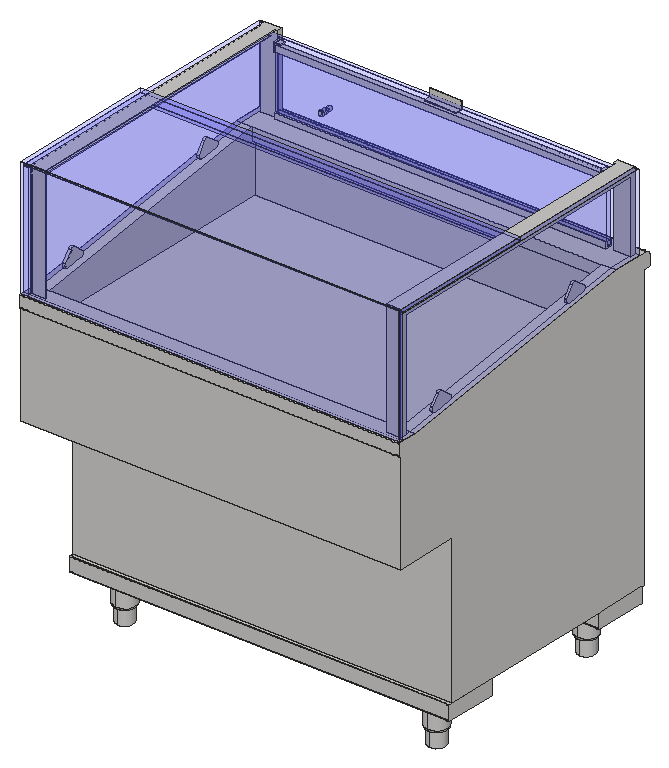
Revit family "Food-Service-Equipment_Oscartek_RHCS1000-Standard", category Specialty Equipment, Revit 2026
Family settings
  Round Connector Dimension = Use Diameter
  Part Type = Normal
  Classification Number = 23.40.40.11
  Work Plane-Based = No
  Enable Cutting in Views = No
  Always vertical = Yes
  Cut with Voids When Loaded = No
  Maintain Annotation Orientation = No
  Shared = No
  Room Calculation Point = No
Parameters
  Width = 39 1/4"  # constant formula
  Weight in Pounds = 239
  Watts = 500 W
  Volts = 220 V
  URL Cutsheet = "www.oscartek.com"
  URL = "www.oscartek.com"
  Type Mark [instance] = ""
  Type Comments = "As Specified"
  Test Data = "http://www.oscartek.com/company/clients.php"
  Status [instance] = ""
  Specification by User [instance] = ""
  Specification by Manufacturer = ""
  Specification = "https://www.arcat.com/arcatcos/cos48/arc48760.html"
  Show Clearance [instance] = yes
  Serial Number = ""
  Seismic Rating = ""
  Sales Information = "http://www.oscartek.com/company/contact.php"
  SMACNA No = ""
  Revision Code [instance] = ""
  Revision = "R1_2018-10"
  Product Data = "http://www.oscartek.com/support/manuals/"
  Phase = 1
  Omniclass Number and Title = ""
  Number of Poles [instance] = 1
  NAFEM Spec ID Number = ""
  Model = "RHCS1000 STANDARD"
  Min Ckt Ampacity = 0 A
  Max Overcurrent Protection = 0 A
  Masterspec = ""
  Manufacturer Website = "http://www.oscartek.com/index.php"
  Manufacturer Phone - Toll Free = "855-885-2400"
  Manufacturer Phone = "650-342-2400"
  Manufacturer Fax = "650-342-7400"
  Manufacturer Address = "361 Beach Rd., Burlingame, CA 94010"
  Manufacturer = "OSCARTEK"
  Item Number [instance] = ""
  Installed By [instance] = ""
  Installation-Fabrication = "http://www.oscartek.com/support/manuals/"
  Identify Quantity as Lot [instance] = yes
  HP = ""
  Green Building-LEED = "https://www.arcat.com/green/green_building.shtml"
  Furnished By [instance] = ""
  Foodservice Equipment Identifier [instance] = yes
  FL Amps = Watts / Volts  # 2.27273 A
  Electrical Remarks [instance] = ""
  Electric Connection Type [instance] = ""
  Elec Conn RI Height [instance] = 0"
  Elec Conn Connection Height [instance] = 0"
  Drawn By = "Sumex Design, Inc. / Robert S. Weygant, CSI, CDT, SCIP"
  Description = "ROSA HOT SHOWCASE"
  Depth [instance] = 32 1/4"  # constant formula
  Default Elevation = 0"
  Cycle = 60 Hz
  Copyright = "©Arcat Inc."
  Construction Details = "http://www.oscartek.com/support/manuals/"
  Conn Plug = ""
  Conn Conduit = yes
  Category = ""
  CSI MasterFormat = "11 41 33"
  CSI Master Format = "Foodservice Shelving"
  Building Codes = "https://www.arcat.com/arcatcos/cos48/arc48760.html"
  Body Finish [instance] = QF_Finishes_Stainless Steel
  Apparent Power = if(Phase = 3, Volts * FL Amps * 1.73, Volts * FL Amps)  # 500 VA
Reference planes (in)
  plane 1 "BACK": y = 7.29134
  plane 2: z = 0
  plane 3 "LEFT": x = 0
  plane 4 "RIGHT": x = 39.25
  plane 5 "FRONT": y = -24.95866
  plane 6 "TOP": z = 45.25
  plane 7 "Center Y": x = 19.625
  plane 8 "Center X": y = -8.83366
  plane 9 "Base Height": z = 6
  plane 10 "Right Off": x = 35.75
  plane 11: x = 0.5
  plane 12: x = 38.75
Forms (in)
  Revolve 1, solid, material "QF_Finishes_Stainless Steel"
    sketch origin (3.5, 0, 0) x (0, 1, 0) y (0, 0, 1)
      loop
        line (-15.81885, 0) -> (-14.95271, 0) -> (-14.95271, 1.57481) -> (-14.86603, 1.57481)
        arc (-14.86603, 1.57481) -> (-14.76029, 1.61861) -> (-14.71649, 1.72436) r 0.14954
        line (-14.71649, 1.72436) -> (-14.71649, 4.46851) -> (-15.81885, 4.46851) -> (-15.81885, 0)
      axis (-15.81885, 0) -> (-15.81885, 4.46851)
    angle from 0 to 360
  Revolve 2, solid, material "QF_Finishes_Stainless Steel"
    sketch origin (3.5, 19.37004, 0) x (0, 1, 0) y (0, 0, 1)
      loop
        line (-15.81885, 0) -> (-14.95271, 0) -> (-14.95271, 1.57481) -> (-14.86603, 1.57481)
        arc (-14.86603, 1.57481) -> (-14.76029, 1.61861) -> (-14.71649, 1.72436) r 0.14954
        line (-14.71649, 1.72436) -> (-14.71649, 4.46851) -> (-15.81885, 4.46851) -> (-15.81885, 0)
      axis (-15.81885, 0) -> (-15.81885, 4.46851)
    angle from 0 to 360
  Extrusion 3, solid, material "QF_Finishes_Stainless Steel" <- "Body Finish"
    sketch origin (0, 0, 0) x (0, 1, 0) y (0, 0, 1)
      loop
        line (-18.51225, 4.46851) -> (-13.12545, 4.46851)
        arc (-13.12545, 4.46851) -> (-13.08126, 4.48681) -> (-13.06295, 4.53101) r 0.0625
        line (-13.06295, 4.53101) -> (-13.06295, 5.9375)
        arc (-13.06295, 5.9375) -> (-13.08126, 5.98169) -> (-13.12545, 6) r 0.0625
        line (-13.12545, 6) -> (-18.51225, 6)
        arc (-18.51225, 6) -> (-18.55644, 5.98169) -> (-18.57475, 5.9375) r 0.0625
        line (-18.57475, 5.9375) -> (-18.57475, 4.53101)
        arc (-18.57475, 4.53101) -> (-18.55644, 4.48681) -> (-18.51225, 4.46851) r 0.0625
      loop
        line (0.85779, 4.46851) -> (6.24459, 4.46851)
        arc (6.24459, 4.46851) -> (6.28878, 4.48681) -> (6.30709, 4.53101) r 0.0625
        line (6.30709, 4.53101) -> (6.30709, 5.9375)
        arc (6.30709, 5.9375) -> (6.28878, 5.98169) -> (6.24459, 6) r 0.0625
        line (6.24459, 6) -> (0.85779, 6)
        arc (0.85779, 6) -> (0.8136, 5.98169) -> (0.79529, 5.9375) r 0.0625
        line (0.79529, 5.9375) -> (0.79529, 4.53101)
        arc (0.79529, 4.53101) -> (0.8136, 4.48681) -> (0.85779, 4.46851) r 0.0625
    from 0 to 39.25
  Revolve 4, solid, material "QF_Finishes_Stainless Steel"
    sketch origin (35.75, 0, 0) x (0, 0, -1) y (0, -1, 0)
      loop
        line (0, 15.81885) -> (-4.46851, 15.81885) -> (-4.46851, 14.71649) -> (-1.72436, 14.71649)
        arc (-1.72436, 14.71649) -> (-1.61861, 14.76029) -> (-1.57481, 14.86603) r 0.14954
        line (-1.57481, 14.86603) -> (-1.57481, 14.95271) -> (0, 14.95271) -> (0, 15.81885)
      axis (0, 15.81885) -> (-4.46851, 15.81885)
    angle from 0 to 360
  Revolve 5, solid, material "QF_Finishes_Stainless Steel"
    sketch origin (35.75, 0, 0) x (0, 0, -1) y (0, -1, 0)
      loop
        line (0, -3.55119) -> (-4.46851, -3.55119) -> (-4.46851, -4.65355) -> (-1.72436, -4.65355)
        arc (-1.72436, -4.65355) -> (-1.61861, -4.60975) -> (-1.57481, -4.50401) r 0.14954
        line (-1.57481, -4.50401) -> (-1.57481, -4.41733) -> (0, -4.41733) -> (0, -3.55119)
      axis (0, -3.55119) -> (-4.46851, -3.55119)
    angle from 0 to 360
  Extrusion 6, solid, material "QF_Finishes_Stainless Steel" <- "Body Finish"
    sketch origin (0, 0, 0) x (0, 1, 0) y (0, 0, 1)
      loop
        line (6.90709, 36.74797) -> (3.04134, 36.74797) -> (3.04134, 35.49797) -> (3.54134, 35.49797) -> (3.54134, 30.25) -> (-23.20866, 30.25) -> (-23.20866, 31.75) -> (-22.95866, 31.75) -> (-22.95866, 33) -> (-24.90866, 33)
        arc (-24.90866, 33) -> (-24.94401, 32.98536) -> (-24.95866, 32.95) r 0.05
        line (-24.95866, 32.95) -> (-24.95866, 31.80078)
        arc (-24.95866, 31.80078) -> (-24.94379, 31.76487) -> (-24.90788, 31.75) r 0.05078
        line (-24.90788, 31.75) -> (-24.84055, 31.75) -> (-24.84055, 21.25) -> (-18.18105, 21.25) -> (-18.18105, 6) -> (6.50394, 6) -> (6.50394, 21.25) -> (6.58268, 21.25) -> (6.58268, 35.24797) -> (7.24056, 35.24797)
        arc (7.24056, 35.24797) -> (7.27647, 35.26284) -> (7.29134, 35.29875) r 0.05078
        line (7.29134, 35.29875) -> (7.29134, 36.32422)
        arc (7.29134, 36.32422) -> (7.18097, 36.61023) -> (6.90709, 36.74797) r 0.42578
    from 0.5 to 38.75
  Extrusion 7, solid, material "Glass"
    sketch origin (0, 0, 0) x (0, 1, 0) y (0, 0, 1)
      loop
        line (5.84459, 44.8563) -> (-24.36893, 44.8563)
        arc (-24.36893, 44.8563) -> (-24.48028, 44.81018) -> (-24.52641, 44.69882) r 0.15748
        line (-24.52641, 44.69882) -> (-24.52641, 33) -> (-22.95866, 33) -> (3.04134, 36.74797) -> (6.00207, 36.74797) -> (6.00207, 44.69882)
        arc (6.00207, 44.69882) -> (5.95595, 44.81018) -> (5.84459, 44.8563) r 0.15748
    from 0 to 0.5
  Extrusion 8, solid, material "Glass"
    sketch origin (39.25, 0, 0) x (0, 1, 0) y (0, 0, 1)
      loop
        line (5.84459, 44.8563) -> (-24.36893, 44.8563)
        arc (-24.36893, 44.8563) -> (-24.48028, 44.81018) -> (-24.52641, 44.69882) r 0.15748
        line (-24.52641, 44.69882) -> (-24.52641, 33) -> (-22.95866, 33) -> (3.04134, 36.74797) -> (6.00207, 36.74797) -> (6.00207, 44.69882)
        arc (6.00207, 44.69882) -> (5.95595, 44.81018) -> (5.84459, 44.8563) r 0.15748
    from -0.5 to 0
  Extrusion 9, solid, material "Glass"
    sketch origin (0, 0, 0) x (0, 1, 0) y (0, 0, 1)
      loop
        line (-9.33366, 45.25) -> (-24.92011, 45.25) -> (-24.92011, 32.99797) -> (-24.52641, 32.99797) -> (-24.52641, 44.8563) -> (-9.33366, 44.8563) -> (-9.33366, 45.25)
    from 0 to 39.25
  Extrusion 10, solid, material "Glass"
    sketch origin (39.25, 0, 0.0625) x (0, 1, 0) y (0, 0, -1)
      loop
        line (5.50207, -44.53142) -> (5.50207, -44.19263) -> (-9.95866, -44.19263) -> (-9.95866, -44.53142) -> (5.50207, -44.53142)
    from 0.66527 to 38.58473
  Extrusion 11, solid, material "QF_Finishes_Stainless Steel" <- "Body Finish"
    sketch origin (39.25, 0, 0) x (0, 1, 0) y (0, 0, 1)
      loop
        line (6.90709, 36.74797) -> (3.04134, 36.74797) -> (-22.95866, 33) -> (-24.90866, 33)
        arc (-24.90866, 33) -> (-24.94401, 32.98536) -> (-24.95866, 32.95) r 0.05
        line (-24.95866, 32.95) -> (-24.95866, 31.80078)
        arc (-24.95866, 31.80078) -> (-24.94379, 31.76487) -> (-24.90788, 31.75) r 0.05078
        line (-24.90788, 31.75) -> (-24.84055, 31.75) -> (-24.84055, 21.25) -> (-18.18105, 21.25) -> (-18.18105, 6) -> (6.50394, 6) -> (6.50394, 21.25) -> (6.58268, 21.25) -> (6.58268, 35.24797) -> (7.24056, 35.24797)
        arc (7.24056, 35.24797) -> (7.27647, 35.26284) -> (7.29134, 35.29875) r 0.05078
        line (7.29134, 35.29875) -> (7.29134, 36.32422)
        arc (7.29134, 36.32422) -> (7.18097, 36.61023) -> (6.90709, 36.74797) r 0.42578
    from 0 to -1.5
  Extrusion 12, solid, material "QF_Finishes_Stainless Steel"
    sketch origin (0, 0, 0) x (1, 0, 0) y (0, 1, 0)
      loop
        line (0.5, 6.00207) -> (0.5, 5.50207) -> (2.25, 5.50207) -> (2.25, 6.00207) -> (0.5, 6.00207)
      loop
        line (38.75, 6.00207) -> (37, 6.00207) -> (37, 5.50207) -> (38.75, 5.50207) -> (38.75, 6.00207)
    from 36.74797 to 44.8563
  Extrusion 13, solid, material "Glass"
    sketch origin (0, -0.10938, 0) x (1, 0, 0) y (0, 1, 0)
      loop
        line (2.5, 5.50207) -> (2.5, 5.00207) -> (36.75, 5.00207) -> (36.75, 5.50207) -> (2.5, 5.50207)
    from 37.21272 to 43.81693
  Extrusion 14, solid, material "QF_Finishes_Stainless Steel"
    sketch origin (0, 0, 0) x (0, 1, 0) y (0, 0, 1)
      loop
        line (4.8927, 43.81693) -> (5.3927, 43.81693) -> (5.3927, 43.31693) -> (5.4552, 43.31693) -> (5.4552, 43.87943) -> (4.8302, 43.87943) -> (4.8302, 43.31693) -> (4.8927, 43.31693) -> (4.8927, 43.81693)
      loop
        line (4.8927, 37.16315) -> (4.8927, 37.66315) -> (4.8302, 37.66315) -> (4.8302, 37.10065) -> (5.4552, 37.10065) -> (5.4552, 37.66315) -> (5.3927, 37.66315) -> (5.3927, 37.16315) -> (4.8927, 37.16315)
    from 2.5 to 36.75
  Extrusion 15, solid, material "QF_Finishes_Stainless Steel"
    sketch origin (0, -24.95866, 0) x (1, 0, 0) y (0, 0, 1)
      loop
        line (37.6875, 44.1063) -> (38.75, 44.1063) -> (38.75, 44.8563) -> (37.25, 44.8563) -> (37.25, 44.7938) -> (38.6875, 44.7938) -> (38.6875, 44.1688) -> (37.6875, 44.1688) -> (37.6875, 44.1063)
      loop
        line (1.5625, 44.1063) -> (1.5625, 44.1688) -> (0.5625, 44.1688) -> (0.5625, 44.7938) -> (2, 44.7938) -> (2, 44.8563) -> (0.5, 44.8563) -> (0.5, 44.1063) -> (1.5625, 44.1063)
    from -30.46073 to -0.78937
  Extrusion 16, solid, material "QF_Finishes_Stainless Steel"
    sketch origin (0, -24.95866, 0) x (1, 0, 0) y (0, 0, 1)
      loop
        line (36.17786, 44.13772) -> (36.17786, 44.07522) -> (36.76042, 44.07522) -> (36.76042, 43.2537) -> (36.82292, 43.2537) -> (36.82292, 44.13772) -> (36.17786, 44.13772)
      loop
        line (3.07214, 44.13772) -> (2.42708, 44.13772) -> (2.42708, 43.2537) -> (2.48958, 43.2537) -> (2.48958, 44.07522) -> (3.07214, 44.07522) -> (3.07214, 44.13772)
    from -30.41386 to -29.78886
  Extrusion 17, solid, material "QF_Finishes_Door Clearance", visible <- "Show Clearance", detail levels coarse
    sketch origin (0, 0, 0) x (0, 1, 0) y (0, 0, 1)
      loop
        line (4.8927, 43.81693) -> (-1.82359, 43.81693)
        arc (-1.82359, 43.81693) -> (0.14357, 39.0678) -> (4.8927, 37.10065) r 6.71628
        line (4.8927, 37.10065) -> (4.8927, 43.81693)
    from 2.5 to 36.75
  Extrusion 18, solid, material "QF_Finishes_Stainless Steel"
    sketch origin (0, 0, 0) x (1, 0, 0) y (0, 1, 0)
      loop
        line (0.5, -24.20866) -> (2, -24.20866) -> (2, -24.16929) -> (0.5625, -24.16929) -> (0.5625, -23.62362) -> (0.5, -23.62362) -> (0.5, -24.20866)
      loop
        line (38.75, -24.20866) -> (38.75, -23.62362) -> (38.6875, -23.62362) -> (38.6875, -24.16929) -> (37.25, -24.16929) -> (37.25, -24.20866) -> (38.75, -24.20866)
    from 33 to 44.8563
  Extrusion 19, solid, material "QF_Finishes_Stainless Steel"
    sketch origin (19.625, 0, 0) x (0, 1, 0) y (0, 0, 1)
      loop
        line (4.83, 44.23056) -> (4.83, 44.19038) -> (5.55097, 44.19038) -> (5.55097, 45.05251) -> (5.48847, 45.05251) -> (5.48847, 44.23056) -> (4.83, 44.23056)
    from -1.625 to 1.625
  Revolve 20, solid, material "QF_Finishes_Stainless Steel"
    sketch origin (7.25, 0, 0.75) x (0, 1, 0) y (0, 0, 1)
      loop
        line (4.82255, 38.49797) -> (4.82255, 38.24797) -> (4.8927, 38.24797) -> (4.8927, 38.49797) -> (4.82255, 38.49797)
      loop
        line (5.3927, 38.49797) -> (5.3927, 38.24797) -> (5.46285, 38.24797) -> (5.46285, 38.34575) -> (5.74111, 38.44703)
        arc (5.74111, 38.44703) -> (5.95993, 38.29989) -> (6.13398, 38.49797) r 0.19974
        line (6.13398, 38.49797) -> (5.3927, 38.49797)
      axis (4.82255, 38.49797) -> (6.13398, 38.49797)
    angle from 0 to 360
  Revolve 21, solid, material "QF_Finishes_Stainless Steel"
    sketch origin (32, 0, 0.75) x (0, 1, 0) y (0, 0, -1)
      loop
        line (4.82255, -38.49797) -> (4.8927, -38.49797) -> (4.8927, -38.24797) -> (4.82255, -38.24797) -> (4.82255, -38.49797)
      loop
        line (5.3927, -38.49797) -> (6.13398, -38.49797)
        arc (6.13398, -38.49797) -> (5.95993, -38.29989) -> (5.74111, -38.44703) r 0.19974
        line (5.74111, -38.44703) -> (5.46285, -38.34575) -> (5.46285, -38.24797) -> (5.3927, -38.24797) -> (5.3927, -38.49797)
      axis (4.82255, -38.49797) -> (6.13398, -38.49797)
    angle from 0 to 360
  Extrusion 22, solid, material "QF_Finishes_Stainless Steel"
    sketch origin (0, 0, 0) x (0, 1, 0) y (0, 0, 1)
      loop
        line (-19.73734, 33.46436) -> (-18.02583, 33.71108)
        arc (-18.02583, 33.71108) -> (-17.79557, 33.87166) -> (-17.7871, 34.15225) r 0.3125
        line (-17.7871, 34.15225) -> (-18.75756, 34.98985)
        arc (-18.75756, 34.98985) -> (-19.04365, 35.07894) -> (-19.30393, 34.93046) r 0.37574
        line (-19.30393, 34.93046) -> (-20.05317, 33.92884)
        arc (-20.05317, 33.92884) -> (-20.04034, 33.59795) -> (-19.73734, 33.46436) r 0.31249
      loop
        arc (-0.67039, 36.21291) -> (-0.41746, 36.42664) -> (-0.49861, 36.74768) r 0.31249
        line (-0.49861, 36.74768) -> (-1.50023, 37.49691)
        arc (-1.50023, 37.49691) -> (-1.79185, 37.56583) -> (-2.04114, 37.39956) r 0.37574
        line (-2.04114, 37.39956) -> (-2.73552, 36.32198)
        arc (-2.73552, 36.32198) -> (-2.64814, 36.0552) -> (-2.38191, 35.96619) r 0.3125
        line (-2.38191, 35.96619) -> (-0.67039, 36.21291)
    from 0.5 to 0.76122
  Extrusion 23, solid, material "QF_Finishes_Stainless Steel"
    sketch origin (39.25, 0, 0) x (0, 1, 0) y (0, 0, 1)
      loop
        line (-19.73734, 33.46436) -> (-18.02583, 33.71108)
        arc (-18.02583, 33.71108) -> (-17.79557, 33.87166) -> (-17.7871, 34.15225) r 0.3125
        line (-17.7871, 34.15225) -> (-18.75756, 34.98985)
        arc (-18.75756, 34.98985) -> (-19.04365, 35.07894) -> (-19.30393, 34.93046) r 0.37574
        line (-19.30393, 34.93046) -> (-20.05317, 33.92884)
        arc (-20.05317, 33.92884) -> (-20.04034, 33.59795) -> (-19.73734, 33.46436) r 0.31249
      loop
        arc (-0.67039, 36.21291) -> (-0.41746, 36.42664) -> (-0.49861, 36.74768) r 0.31249
        line (-0.49861, 36.74768) -> (-1.50023, 37.49691)
        arc (-1.50023, 37.49691) -> (-1.79185, 37.56583) -> (-2.04114, 37.39956) r 0.37574
        line (-2.04114, 37.39956) -> (-2.73552, 36.32198)
        arc (-2.73552, 36.32198) -> (-2.64814, 36.0552) -> (-2.38191, 35.96619) r 0.3125
        line (-2.38191, 35.96619) -> (-0.67039, 36.21291)
    from -0.5 to -0.75
  Extrusion 24, solid, material "QF_Finishes_Stainless Steel" <- "Body Finish"
    sketch origin (0, 0, 0) x (0, 1, 0) y (0, 0, -1)
      loop
        arc (6.90709, -36.74797) -> (7.18097, -36.61023) -> (7.29134, -36.32422) r 0.42578
        line (7.29134, -36.32422) -> (7.29134, -35.29875)
        arc (7.29134, -35.29875) -> (7.27647, -35.26284) -> (7.24056, -35.24797) r 0.05078
        line (7.24056, -35.24797) -> (6.58268, -35.24797) -> (6.58268, -21.25) -> (6.50394, -21.25) -> (6.50394, -6) -> (-18.18105, -6) -> (-18.18105, -21.25) -> (-24.84055, -21.25) -> (-24.84055, -31.75) -> (-24.90788, -31.75)
        arc (-24.90788, -31.75) -> (-24.94379, -31.76487) -> (-24.95866, -31.80078) r 0.05078
        line (-24.95866, -31.80078) -> (-24.95866, -32.95)
        arc (-24.95866, -32.95) -> (-24.94401, -32.98536) -> (-24.90866, -33) r 0.05
        line (-24.90866, -33) -> (-22.95866, -33) -> (3.04134, -36.74797) -> (6.90709, -36.74797)
    from 0 to -1.5
  Extrusion 25, solid, material "QF_Finishes_Stainless Steel"
    sketch origin (16.25, 0, 0) x (1, 0, 0) y (0, 1, 0)
      loop
        circle (13.71277, -8.83366) r 0.25
    from 5.6002 to 6
  Extrusion 26, solid, material "QF_Finishes_Stainless Steel"
    sketch origin (1.18012, 6.22884, 1.7805) x (0, 0, 1) y (1, 0, 0)
      loop
        line (18.79407, 32.10524) -> (17.29407, 32.10524) -> (17.29407, 25.60524) -> (18.79407, 25.60524) -> (18.79407, 32.10524)
    from 0.2751 to 1
  Extrusion 27, solid, material "QF_Finishes_Black"
    sketch origin (1.18012, 6.50394, 6.1555) x (0, 0, 1) y (1, 0, 0)
      loop
        line (11.19901, 34.56988) -> (0.44901, 34.56988) -> (0.44901, 32.56988) -> (11.19901, 32.56988) -> (11.19901, 34.56988)
      loop
        line (11.19901, 32.06988) -> (0.44901, 32.06988) -> (0.44901, 30.06988) -> (11.19901, 30.06988) -> (11.19901, 32.06988)
      loop
        line (11.19901, 29.56988) -> (0.44901, 29.56988) -> (0.44901, 27.56988) -> (11.19901, 27.56988) -> (11.19901, 29.56988)
      loop
        line (0.44901, 27.06988) -> (0.44901, 25.06988) -> (9.19901, 25.06988) -> (11.19901, 27.06988) -> (0.44901, 27.06988)
      loop
        line (0.44901, 24.56988) -> (0.44901, 22.56988) -> (6.69901, 22.56988) -> (8.69901, 24.56988) -> (0.44901, 24.56988)
    from 0 to 0.0625
  Extrusion 28, void
    sketch origin (1.5, 0, 0) x (0, -1, 0) y (0, 0, -1)
      loop
        line (-6.54134, -34.74797) -> (-6.54134, -21.25) -> (-15.58268, -21.25) -> (-15.58268, -34.74797) -> (-6.54134, -34.74797)
    from 0 to 36.25
  Extrusion 29, solid, material "QF_Finishes_Stainless Steel", not visible
    sketch origin (1.5, 0, 0) x (0, -1, 0) y (0, 0, -1)
      loop
        line (2.45866, -35.24797) -> (2.45866, -21.25) -> (-6.58268, -21.25) -> (-6.58268, -22) -> (1.70866, -22) -> (1.70866, -27.5) -> (-6.58268, -28.5) -> (-6.58268, -29.25544) -> (1.70866, -28.25544) -> (1.70866, -34.74797) -> (-6.58268, -34.74797) -> (-6.58268, -35.24797) -> (2.45866, -35.24797)
    from 0 to 36.25
  Extrusion 30, solid, material "QF_Finishes_Door Clearance", visible <- "Show Clearance", detail levels coarse
    sketch origin (0, 0, 0) x (0, 1, 0) y (0, 0, 1)
      loop
        line (-24.92011, 45.25) -> (-9.33366, 45.25) -> (-9.33366, 60.83645)
        arc (-9.33366, 60.83645) -> (-20.35494, 56.27128) -> (-24.92011, 45.25) r 15.58645
    from 0 to 39.25
Cuts and joins
  joined: Extrusion 12, Extrusion 15, Extrusion 18
  Extrusion 28 cuts Extrusion 6
  joined: Extrusion 6, Extrusion 11, Extrusion 24
Lines and regions (in)
  Split face 1
    outline origin (1.18012, 7.22884, 1.7805) x (0, 0, 1) y (1, 0, 0)
      loop
        line (18.5658, 31.80584) -> (17.5658, 31.80584) -> (17.5658, 26.05584) -> (18.5658, 26.05584) -> (18.5658, 31.80584)
  symbolic lines
    curve 1: line (0, -24.95866, 0) -> (0, 7.29134, 0)
    curve 2: line (39.25, -24.95866, 0) -> (0, -24.95866, 0)
    curve 3: line (0.5, -24.52641, 0) -> (0.5, 6.55709, 0)
    curve 4: line (38.75, 6.00207, 0) -> (37, 6.00207, 0)
    curve 5: line (39.25, 5.50207, 0) -> (0, 5.50207, 0)
    curve 6: line (1.64264, -22.95866, 0) -> (1.64264, 5.50207, 0)
    curve 7: line (2.25, 5.50207, 0) -> (2.25, 6.00207, 0)
    curve 8: line (0.66527, 5.50207, 0) -> (0.66527, -9.95866, 0)
    curve 9: line (39.25, -9.20866, 0) -> (0, -9.20866, 0)
    curve 10: line (0.5, -24.20866, 0) -> (1.5625, -24.20866, 0)
    curve 11: line (1.5625, -24.20866, 0) -> (1.5625, 6.00207, 0)
    curve 12: line (39.25, 6.55709, 0) -> (38.75, 6.55709, 0)
    curve 13: line (0, -24.92011, 0) -> (39.25, -24.90788, 0)
    curve 14: line (39.25, -24.52641, 0) -> (0, -24.52641, 0)
    curve 15: line (39.25, -24.95866, 0) -> (39.25, 7.29134, 0)
    curve 16: line (38.75, -24.52641, 0) -> (38.75, 6.55709, 0)
    curve 17: line (37.60736, -22.95866, 0) -> (37.60736, 5.50207, 0)
    curve 18: line (37, 5.50207, 0) -> (37, 6.00207, 0)
    curve 19: line (38.58473, 5.50207, 0) -> (38.58473, -9.95866, 0)
    curve 20: line (38.75, -24.20866, 0) -> (37.6875, -24.20866, 0)
    curve 21: line (37.6875, -24.20866, 0) -> (37.6875, 6.00207, 0)
    curve 22: line (2.25, 6.00207, 0) -> (0.5, 6.00207, 0)
    curve 23: line (0.5, 6.55709, 0) -> (0, 6.55709, 0)
    curve 24: line (39.25, 7.29134, 0) -> (0, 7.29134, 0)
    curve 25: line (38.58473, -9.95866, 0) -> (0.66527, -9.95866, 0)
    curve 26: line (0, -22.95866, 0) -> (39.25, -22.95866, 0)
    curve 27: line (18, 5.55097, 0) -> (21.25, 5.55097, 0)
    curve 28: line (21.25, 5.55097, 0) -> (21.25, 4.89472, 0)
    curve 29: line (21, 4.64472, 0) -> (18.25, 4.64472, 0)
    curve 30: line (18, 4.89472, 0) -> (18, 5.55097, 0)
    curve 31: arc (18.25, 4.64472, 0) -> (18.07322, 4.71795, 0) -> (18, 4.89472, 0) r 0.25
    curve 32: arc (21.25, 4.89472, 0) -> (21.17678, 4.71795, 0) -> (21, 4.64472, 0) r 0.25
  symbolic lines, style "QF-Surface Details"
    curve 33: line (7.92189, -17.61771, 0) -> (11.10387, -14.43573, 0)
    curve 34: line (7.59142, -19.05839, 0) -> (12.54117, -14.10865, 0)
    curve 35: line (9.1841, -18.87993, 0) -> (12.54286, -15.52117, 0)
    curve 36: line (27.10725, -17.61771, 0) -> (30.28923, -14.43573, 0)
    curve 37: line (26.77678, -19.05839, 0) -> (31.72653, -14.10865, 0)
    curve 38: line (28.36946, -18.87993, 0) -> (31.72822, -15.52117, 0)
    curve 39: line (7.92189, -2.99271, 0) -> (11.10387, 0.18927, 0)
    curve 40: line (7.59142, -4.43339, 0) -> (12.54117, 0.51635, 0)
    curve 41: line (9.1841, -4.25493, 0) -> (12.54286, -0.89617, 0)
    curve 42: line (27.10725, -2.99271, 0) -> (30.28923, 0.18927, 0)
    curve 43: line (26.77678, -4.43339, 0) -> (31.72653, 0.51635, 0)
    curve 44: line (28.36946, -4.25493, 0) -> (31.72822, -0.89617, 0)
Dimensions and locks (in)
  equal spacing: plane 3 "LEFT", plane 7 "Center Y", plane 4 "RIGHT"
  "Width": plane 3 "LEFT" to plane 4 "RIGHT"
  equal spacing: plane 5 "FRONT", plane 8 "Center X", plane 1 "BACK"
  "Depth": plane 5 "FRONT" to plane 1 "BACK"
  plane 6 "TOP" to level = 45 1/4"
  plane 9 "Base Height" to level = 6"
  locked: plane 10 "Right Off" to plane 4 "RIGHT" at 3.5
  locked: plane 12 to plane 4 "RIGHT" at 0.5
  locked: plane 3 "LEFT" to plane 11 at 0.5
  locked: plane 3 "LEFT" to Extrusion 13 sketch curve at 2.5
  locked: Extrusion 13 sketch curve to plane 4 "RIGHT" at 2.5
  locked: plane 4 "RIGHT" to Extrusion 10 at 0.66527
  locked: plane 7 "Center Y" to Revolve 20 at 12.375
  locked: Revolve 21 to plane 7 "Center Y" at 12.375
  Extrusion 27 sketch curve to Extrusion 27 sketch curve to Extrusion 27 sketch curve to Extrusion 27 sketch curve to Extrusion 27 sketch curve to Extrusion 27 sketch curve to Extrusion 27 sketch curve to Extrusion 27 sketch curve to Extrusion 27 sketch curve to Extrusion 27 sketch curve = 2" locked, 1/2" locked, 2" locked, 1/2" locked, 2" locked, 1/2" locked, 2" locked, 1/2" locked, 2" locked
  locked: Extrusion 26 sketch curve to Extrusion 26 sketch curve at 6.5
  plane 5 "FRONT" to Extrusion 10 sketch curve to Extrusion 10 sketch curve = 15" locked, 15.46073" locked
  plane 5 "FRONT" to Extrusion 17 sketch curve to Extrusion 17 sketch curve = 23.13507" locked, 6.71628" locked
  plane 5 "FRONT" to Extrusion 13 sketch curve to Extrusion 13 sketch curve = 29.85136" locked, 1/2" locked
  plane 5 "FRONT" to Extrusion 14 sketch curve to Extrusion 14 sketch curve to Extrusion 14 sketch curve to Extrusion 14 sketch curve = 29.78886" locked, 1/16" locked, 1/2" locked, 1/16" locked
  plane 5 "FRONT" to Extrusion 23 sketch curve to Extrusion 23 sketch curve to Extrusion 23 sketch curve to Extrusion 23 sketch curve to Extrusion 23 sketch curve to Extrusion 23 sketch curve = 5.17674" locked, 0.77887" locked, 0.93264" locked, 15.64392" locked, 0.7012" locked, 1.01031" locked
  plane 5 "FRONT" to Extrusion 11 sketch curve to Extrusion 11 sketch curve = 2" locked, 26" locked
  plane 5 "FRONT" to Extrusion 24 sketch curve to Extrusion 24 sketch curve = 2" locked, 26" locked
  plane 5 "FRONT" to Extrusion 22 sketch curve to Extrusion 22 sketch curve to Extrusion 22 sketch curve to Extrusion 22 sketch curve to Extrusion 22 sketch curve to Extrusion 22 sketch curve = 5.17674" locked, 0.77887" locked, 0.93264" locked, 15.64392" locked, 0.7012" locked, 1.01031" locked
  plane 5 "FRONT" to Extrusion 8 sketch curve to Extrusion 8 sketch curve to Extrusion 8 sketch curve to Extrusion 8 sketch curve = 0.43225" locked, 1.56775" locked, 26" locked, 2.96073" locked
  plane 5 "FRONT" to Extrusion 7 sketch curve to Extrusion 7 sketch curve to Extrusion 7 sketch curve to Extrusion 7 sketch curve = 0.43225" locked, 1.56775" locked, 26" locked, 2.96073" locked
  plane 5 "FRONT" to Extrusion 6 sketch curve to Extrusion 6 sketch curve = 28" locked, 1/2" locked
  plane 5 "FRONT" to Extrusion 19 sketch curve to Extrusion 19 sketch curve to Extrusion 19 sketch curve = 29.78866" locked, 0.65847" locked, 1/16" locked
  plane 5 "FRONT" to Revolve 21 sketch curve to Revolve 21 sketch curve to Revolve 21 sketch curve to Revolve 21 sketch curve to Revolve 21 sketch curve to Revolve 21 sketch curve = 29.78121" locked, 0.07015" locked, 1/2" locked, 0.07015" locked, 0.27826" locked, 0.19313" locked
  plane 5 "FRONT" to Extrusion 12 sketch curve to Extrusion 12 sketch curve = 30.46073" locked, 1/2" locked
  plane 5 "FRONT" to Revolve 20 sketch curve to Revolve 20 sketch curve to Revolve 20 sketch curve to Revolve 20 sketch curve to Revolve 20 sketch curve to Revolve 20 sketch curve = 29.78121" locked, 0.07015" locked, 1/2" locked, 0.07015" locked, 0.27826" locked, 0.19313" locked
  locked: Extrusion 11 sketch curve to plane 1 "BACK" at 25.47239
  locked: Extrusion 6 sketch curve to plane 1 "BACK" at 25.47239
  locked: Extrusion 24 sketch curve to plane 1 "BACK" at 25.47239
  Extrusion 3 sketch curve to Extrusion 3 sketch curve to Extrusion 3 sketch curve to Extrusion 3 sketch curve to plane 1 "BACK" = 5.5118" locked, 13.85824" locked, 5.5118" locked, 0.98425" locked
  Revolve 5 sketch curve to Revolve 5 sketch curve to plane 1 "BACK" = 1.10236" locked, 2.63779" locked
  Revolve 2 sketch curve to Revolve 2 sketch curve to plane 1 "BACK" = 1.10236" locked, 2.63779" locked
  Revolve 4 sketch curve to Revolve 4 sketch curve to plane 1 "BACK" = 1.10236" locked, 22 1/128" locked
  Revolve 1 sketch curve to Revolve 1 sketch curve to plane 1 "BACK" = 1.10236" locked, 22 1/128" locked
  plane 5 "FRONT" to Extrusion 28 sketch curve to Extrusion 28 sketch curve = 31 1/2" locked, 9.04134" locked
  Extrusion 29 sketch curve to Extrusion 29 sketch curve to Extrusion 29 sketch curve to plane 1 "BACK" = 3/4" locked, 8.29134" locked, 0.70866" locked
  locked: plane 4 "RIGHT" to cut or joined group of Extrusion 6, Extrusion 11, Extrusion 24, Extrusion 28 at 1.5
  locked: plane 5 "FRONT" to Extrusion 9 sketch curve at 15.625
  Extrusion 19 to Extrusion 10 to curve 29 = 0.0489" locked, 0.85735" locked
  curve 9 to curve 25 to curve 26 to curve 14 to plane 5 "FRONT" = 3/4" locked, 13" locked, 1.56775" locked, 0.43225" locked
  locked: plane 5 "FRONT" to curve 39 at 25.14793
  locked: plane 5 "FRONT" to curve 42 at 25.14793
  locked: plane 5 "FRONT" to curve 40 at 25.47501
  locked: plane 5 "FRONT" to curve 43 at 25.47501
  locked: plane 5 "FRONT" to Extrusion 30 sketch curve at 15.625
  aligned and locked: level to plane 2
  aligned: plane 4 "RIGHT" to Extrusion 6
  aligned and locked: plane 4 "RIGHT" to Extrusion 3
  aligned and locked: Extrusion 6 to plane 11
  aligned and locked: plane 12 to Extrusion 6
  aligned and locked: plane 11 to Extrusion 7
  aligned and locked: Extrusion 8 to plane 12
  aligned: Extrusion 9 to plane 11
  aligned: plane 12 to Extrusion 10
  aligned: plane 12 to Extrusion 9
  aligned: Extrusion 10 to plane 11
  aligned and locked: plane 4 "RIGHT" to Extrusion 9
  aligned and locked: Extrusion 9 to plane 3 "LEFT"
  aligned and locked: Extrusion 14 to Extrusion 13  (x2)
  aligned and locked: Extrusion 13 to Extrusion 17
  aligned and locked: Extrusion 17 to Extrusion 13
  aligned and locked: Extrusion 14 sketch curve to Extrusion 14 sketch curve  (x4)
  aligned and locked: Extrusion 12 sketch curve to Extrusion 12 sketch curve  (x2)
  aligned and locked: Extrusion 29 sketch curve to Extrusion 29 sketch curve  (x3)
  aligned and locked: Extrusion 29 to cut or joined group of Extrusion 6, Extrusion 11, Extrusion 24, Extrusion 28
  aligned and locked: curve 5 to Extrusion 10
Automatic sketch dimensions
  Revolve 1 sketch curve to level = 0"
  Revolve 1 sketch curve to Revolve 1 sketch curve = 0"  (x2)
  Revolve 1 sketch curve to Revolve 1 sketch curve = 0.23622"
  Revolve 1 sketch curve to Revolve 1 sketch curve = 0.08668"
  level to Revolve 1 sketch curve = 1.57481"
  Revolve 1 sketch curve to plane 9 "Base Height" = 1.53149"
  Revolve 1 sketch curve to plane 9 "Base Height" = 0.61582"
  Revolve 2 sketch curve to level = 0"
  Revolve 2 sketch curve to Revolve 2 sketch curve = 0"  (x2)
  Revolve 2 sketch curve to Revolve 2 sketch curve = 0.23622"
  Revolve 2 sketch curve to Revolve 2 sketch curve = 0.08668"
  level to Revolve 2 sketch curve = 1.57481"
  Revolve 2 sketch curve to plane 9 "Base Height" = 1.53149"
  Revolve 2 sketch curve to plane 9 "Base Height" = 0.61582"
  Extrusion 3 sketch curve to plane 9 "Base Height" = 0"  (x2)
  Extrusion 3 sketch curve to Extrusion 3 sketch curve = 1/16"  (x8)
  Extrusion 3 sketch curve to Extrusion 3 sketch curve = 1.40649"  (x2)
  Revolve 4 sketch curve to level = 0"
  level to Revolve 4 sketch curve = 1.57481"
  Revolve 4 sketch curve to Revolve 4 sketch curve = 0.14954"
  Revolve 4 sketch curve to plane 9 "Base Height" = 1.53149"
  Revolve 4 sketch curve to Revolve 4 sketch curve = 0"  (x2)
  Revolve 4 sketch curve to plane 9 "Base Height" = 0.61582"
  Revolve 4 sketch curve to Revolve 4 sketch curve = 0.08668"
  Revolve 5 sketch curve to level = 0"
  level to Revolve 5 sketch curve = 1.57481"
  Revolve 5 sketch curve to Revolve 5 sketch curve = 0.14954"
  Revolve 5 sketch curve to plane 9 "Base Height" = 1.53149"
  Revolve 5 sketch curve to Revolve 5 sketch curve = 0"  (x2)
  Revolve 5 sketch curve to plane 9 "Base Height" = 0.61582"
  Revolve 5 sketch curve to Revolve 5 sketch curve = 0.08668"
  Extrusion 7 sketch curve to Extrusion 7 sketch curve = 0.15748"  (x2)
  Extrusion 7 sketch curve to plane 6 "TOP" = 12 1/4"
  Extrusion 7 sketch curve to plane 6 "TOP" = 8.50203"
  Extrusion 7 sketch curve to plane 6 "TOP" = 0.55118"
  Extrusion 8 sketch curve to Extrusion 8 sketch curve = 0.15748"  (x2)
  Extrusion 8 sketch curve to plane 6 "TOP" = 12 1/4"
  Extrusion 8 sketch curve to plane 6 "TOP" = 8.50203"
  Extrusion 8 sketch curve to plane 6 "TOP" = 0.55118"
  Extrusion 9 sketch curve to plane 6 "TOP" = 0"
  Extrusion 9 sketch curve to plane 5 "FRONT" = 0.03855"
  Extrusion 9 sketch curve to plane 5 "FRONT" = 0.43225"
  Extrusion 9 sketch curve to plane 6 "TOP" = 0.3937"
  Extrusion 9 sketch curve to Extrusion 9 sketch curve = 11.85833"
  Extrusion 10 sketch curve to plane 6 "TOP" = 0.65608"
  Extrusion 10 sketch curve to Extrusion 10 sketch curve = 0.33879"
  Extrusion 11 sketch curve to plane 5 "FRONT" = 0"
  Extrusion 11 sketch curve to plane 9 "Base Height" = 0"
  Extrusion 11 sketch curve to plane 1 "BACK" = 0"
  Extrusion 11 sketch curve to Extrusion 11 sketch curve = 0.05"
  Extrusion 11 sketch curve to plane 5 "FRONT" = 13/256"
  Extrusion 11 sketch curve to plane 5 "FRONT" = 0.11811"
  plane 1 "BACK" to Extrusion 11 sketch curve = 0.7874"
  plane 1 "BACK" to Extrusion 11 sketch curve = 0.70866"
  Extrusion 11 sketch curve to Extrusion 11 sketch curve = 109/256"
  plane 1 "BACK" to Extrusion 11 sketch curve = 0.38425"
  Extrusion 11 sketch curve to Extrusion 11 sketch curve = 13/256"
  Extrusion 11 sketch curve to Extrusion 11 sketch curve = 15 1/4"
  plane 9 "Base Height" to Extrusion 11 sketch curve = 15 1/4"
  Extrusion 11 sketch curve to Extrusion 11 sketch curve = 10 1/2"
  Extrusion 11 sketch curve to Extrusion 11 sketch curve = 1.14922"
  Extrusion 11 sketch curve to plane 6 "TOP" = 10.00203"
  Extrusion 11 sketch curve to Extrusion 11 sketch curve = 1.02547"
  Extrusion 14 sketch curve to plane 6 "TOP" = 8.14935"
  Extrusion 14 sketch curve to Extrusion 14 sketch curve = 1/16"  (x2)
  Extrusion 14 sketch curve to Extrusion 14 sketch curve = 1/2"  (x3)
  Extrusion 14 sketch curve to plane 6 "TOP" = 1.93307"
  Extrusion 14 sketch curve to Extrusion 14 sketch curve = 0"
  Extrusion 17 sketch curve to plane 6 "TOP" = 8.14935"
  Extrusion 19 sketch curve to plane 6 "TOP" = 1.05962"
  Extrusion 19 sketch curve to Extrusion 19 sketch curve = 0.04018"
  Extrusion 19 sketch curve to plane 6 "TOP" = 0.19749"
  Revolve 20 sketch curve to Revolve 20 sketch curve = 0.19974"
  Revolve 20 sketch curve to Revolve 20 sketch curve = 0"  (x3)
  Revolve 20 sketch curve to Revolve 20 sketch curve = 0.42016"
  Revolve 20 sketch curve to plane 6 "TOP" = 6.25203"
  Revolve 20 sketch curve to Revolve 20 sketch curve = 0.09778"
  Revolve 20 sketch curve to Revolve 20 sketch curve = 0.10128"
  Revolve 20 sketch curve to Revolve 20 sketch curve = 1/4"
  Revolve 21 sketch curve to Revolve 21 sketch curve = 0.19974"
  Revolve 21 sketch curve to Revolve 21 sketch curve = 0"  (x3)
  Revolve 21 sketch curve to Revolve 21 sketch curve = 0.42016"
  Revolve 21 sketch curve to plane 6 "TOP" = 6.00203"
  Revolve 21 sketch curve to Revolve 21 sketch curve = 0.15222"
  Revolve 21 sketch curve to Revolve 21 sketch curve = 0.09778"
  Revolve 21 sketch curve to Revolve 21 sketch curve = 1/4"
  Extrusion 22 sketch curve to Extrusion 22 sketch curve = 0.27124"
  Extrusion 22 sketch curve to Extrusion 22 sketch curve = 0.04459"  (x4)
  Extrusion 22 sketch curve to Extrusion 22 sketch curve = 0.30088"
  Extrusion 22 sketch curve to Extrusion 22 sketch curve = 0.2455"
  Extrusion 22 sketch curve to Extrusion 22 sketch curve = 0.28331"
  Extrusion 22 sketch curve to Extrusion 22 sketch curve = 0.30902"
  Extrusion 22 sketch curve to Extrusion 22 sketch curve = 0.31584"
  Extrusion 22 sketch curve to Extrusion 22 sketch curve = 0.22506"  (x2)
  Extrusion 22 sketch curve to Extrusion 22 sketch curve = 0.21637"
  Extrusion 22 sketch curve to plane 6 "TOP" = 11.78564"
  Extrusion 22 sketch curve to Extrusion 22 sketch curve = 0.24672"  (x2)
  Extrusion 22 sketch curve to Extrusion 22 sketch curve = 0.3093"  (x4)
  Extrusion 22 sketch curve to Extrusion 22 sketch curve = 0.68502"
  Extrusion 22 sketch curve to plane 6 "TOP" = 9.28381"
  Extrusion 22 sketch curve to Extrusion 22 sketch curve = 0.92054"
  Extrusion 22 sketch curve to Extrusion 22 sketch curve = 0.20352"
  Extrusion 23 sketch curve to Extrusion 23 sketch curve = 0.27124"
  Extrusion 23 sketch curve to Extrusion 23 sketch curve = 0.04459"  (x4)
  Extrusion 23 sketch curve to Extrusion 23 sketch curve = 0.30088"
  Extrusion 23 sketch curve to Extrusion 23 sketch curve = 0.2455"
  Extrusion 23 sketch curve to Extrusion 23 sketch curve = 0.28331"
  Extrusion 23 sketch curve to Extrusion 23 sketch curve = 0.30902"
  Extrusion 23 sketch curve to Extrusion 23 sketch curve = 0.31584"
  Extrusion 23 sketch curve to Extrusion 23 sketch curve = 0.22506"  (x2)
  Extrusion 23 sketch curve to Extrusion 23 sketch curve = 0.21637"
  Extrusion 23 sketch curve to plane 6 "TOP" = 11.78564"
  Extrusion 23 sketch curve to Extrusion 23 sketch curve = 0.24672"  (x2)
  Extrusion 23 sketch curve to Extrusion 23 sketch curve = 0.3093"  (x4)
  Extrusion 23 sketch curve to Extrusion 23 sketch curve = 0.68502"
  Extrusion 23 sketch curve to plane 6 "TOP" = 9.28381"
  Extrusion 23 sketch curve to Extrusion 23 sketch curve = 0.92054"
  Extrusion 23 sketch curve to Extrusion 23 sketch curve = 0.20352"
  Extrusion 24 sketch curve to plane 5 "FRONT" = 0"
  Extrusion 24 sketch curve to plane 9 "Base Height" = 0"
  Extrusion 24 sketch curve to plane 1 "BACK" = 0"
  Extrusion 24 sketch curve to plane 5 "FRONT" = 0.05"
  Extrusion 24 sketch curve to Extrusion 24 sketch curve = 13/256"
  Extrusion 24 sketch curve to Extrusion 24 sketch curve = 0.06733"
  plane 1 "BACK" to Extrusion 24 sketch curve = 0.7874"
  Extrusion 24 sketch curve to Extrusion 24 sketch curve = 0.07874"
  Extrusion 24 sketch curve to Extrusion 24 sketch curve = 109/256"
  plane 1 "BACK" to Extrusion 24 sketch curve = 0.38425"
  plane 1 "BACK" to Extrusion 24 sketch curve = 13/256"
  plane 9 "Base Height" to Extrusion 24 sketch curve = 15 1/4"  (x2)
  Extrusion 24 sketch curve to Extrusion 24 sketch curve = 10 1/2"
  Extrusion 24 sketch curve to Extrusion 24 sketch curve = 1.14922"
  Extrusion 24 sketch curve to plane 6 "TOP" = 10.00203"
  Extrusion 24 sketch curve to Extrusion 24 sketch curve = 1.02547"
  Extrusion 25 sketch curve to plane 8 "Center X" = 0"
  plane 7 "Center Y" to Extrusion 25 sketch curve = 10.33777"
  plane 10 "Right Off" to Extrusion 26 sketch curve = 2.46464"
  plane 9 "Base Height" to Extrusion 26 sketch curve = 13.07457"
  Extrusion 26 sketch curve to Extrusion 26 sketch curve = 1 1/2"
  Split face 1 sketch curve to Extrusion 26 = 0.27173"
  Split face 1 sketch curve to Extrusion 26 = 0.22827"
  Split face 1 sketch curve to Extrusion 26 = 0.4506"
  Split face 1 sketch curve to Extrusion 26 = 0.2994"
  plane 10 "Right Off" to Extrusion 27 sketch curve = 0"
  plane 9 "Base Height" to Extrusion 27 sketch curve = 0.60451"  (x3)
  Extrusion 27 sketch curve to Extrusion 27 sketch curve = 0"  (x5)
  Extrusion 27 sketch curve to Extrusion 27 sketch curve = 6 1/4"
  Extrusion 27 sketch curve to Extrusion 27 sketch curve = 2"  (x2)
  Extrusion 27 sketch curve to Extrusion 27 sketch curve = 1/2"
  Extrusion 28 sketch curve to plane 6 "TOP" = 10.50203"
  Extrusion 28 sketch curve to Extrusion 28 sketch curve = 13.49797"
  Extrusion 6 sketch curve to plane 5 "FRONT" = 0"
  Extrusion 6 sketch curve to plane 9 "Base Height" = 0"
  Extrusion 6 sketch curve to plane 1 "BACK" = 0"
  Extrusion 6 sketch curve to plane 5 "FRONT" = 0.05"
  Extrusion 6 sketch curve to plane 5 "FRONT" = 13/256"
  Extrusion 6 sketch curve to Extrusion 6 sketch curve = 0.06733"
  Extrusion 6 sketch curve to plane 5 "FRONT" = 1 3/4"
  Extrusion 6 sketch curve to Extrusion 6 sketch curve = 1/4"
  plane 1 "BACK" to Extrusion 6 sketch curve = 0.70866"
  Extrusion 6 sketch curve to Extrusion 6 sketch curve = 0.07874"
  Extrusion 6 sketch curve to Extrusion 6 sketch curve = 109/256"
  plane 1 "BACK" to Extrusion 6 sketch curve = 0.38425"
  plane 1 "BACK" to Extrusion 6 sketch curve = 13/256"
  plane 9 "Base Height" to Extrusion 6 sketch curve = 15 1/4"  (x2)
  Extrusion 6 sketch curve to Extrusion 6 sketch curve = 9"
  Extrusion 6 sketch curve to Extrusion 6 sketch curve = 1 1/2"  (x2)
  Extrusion 6 sketch curve to Extrusion 6 sketch curve = 1.14922"
  Extrusion 6 sketch curve to Extrusion 6 sketch curve = 13.99797"
  Extrusion 6 sketch curve to Extrusion 6 sketch curve = 5.24797"
  Extrusion 6 sketch curve to Extrusion 6 sketch curve = 1.02547"
  Extrusion 29 sketch curve to Extrusion 29 sketch curve = 5 1/2"
  Extrusion 29 sketch curve to Extrusion 29 sketch curve = 3/4"
  Extrusion 29 sketch curve to Extrusion 29 sketch curve = 0.75544"  (x2)
  Extrusion 29 sketch curve to Extrusion 29 sketch curve = 6.49253"
  Extrusion 29 sketch curve to plane 6 "TOP" = 10.00203"
  Extrusion 29 sketch curve to Extrusion 29 sketch curve = 1/2"
  Extrusion 29 sketch curve to Extrusion 29 sketch curve = 5.49253"
  curve 1 to plane 3 "LEFT" = 0"
  curve 13 to plane 3 "LEFT" = 0"
  curve 3 to plane 11 = 0"
  curve 12 to plane 12 = 0"
  curve 12 to plane 4 "RIGHT" = 0"
  plane 5 "FRONT" to curve 15 = 0"
  plane 1 "BACK" to curve 1 = 0"
  plane 11 to curve 8 = 0.16527"
  curve 10 to curve 10 = 1 1/16"
  curve 11 to curve 6 = 0.08014"
  curve 6 to curve 7 = 0.60736"
  plane 11 to curve 40 = 7.09142"
  curve 6 to curve 34 = 5.94878"
  curve 34 to curve 33 = 0.33047"
  curve 40 to curve 39 = 0.33047"
  curve 35 to plane 5 "FRONT" = 6.07873"
  curve 34 to curve 35 = 1.59268"
  curve 40 to curve 41 = 1.59268"
  curve 33 to curve 33 = 3.18198"
  curve 39 to curve 39 = 3.18198"
  curve 39 to curve 40 = 1.4373"
  curve 33 to curve 34 = 1.4373"
  curve 34 to curve 35 = 0.00169"
  curve 40 to curve 41 = 0.00169"
  curve 30 to plane 7 "Center Y" = 1 5/8"
  curve 30 to curve 29 = 1/4"
  plane 7 "Center Y" to curve 32 = 1 3/8"
  curve 32 to curve 28 = 1/4"
  curve 43 to curve 42 = 0.33047"
  curve 37 to curve 36 = 0.33047"
  curve 43 to curve 44 = 1.59268"
  curve 37 to curve 38 = 1.59268"
  curve 42 to curve 42 = 3.18198"
  curve 36 to curve 36 = 3.18198"
  curve 42 to curve 43 = 1.4373"
  curve 36 to curve 37 = 1.4373"
  curve 43 to curve 44 = 0.00169"
  curve 37 to curve 38 = 0.00169"
  curve 18 to plane 10 "Right Off" = 1 1/4"
  curve 18 to curve 17 = 0.60736"
  curve 17 to curve 21 = 0.08014"
  curve 25 to plane 12 = 0.16527"
  curve 1 to curve 13 = 0.03855"
  curve 2 to curve 13 = 13/256"
  curve 21 to plane 5 "FRONT" = 3/4"
  curve 3 to curve 10 = 0.31775"
  curve 34 to curve 35 = 0.17847"
  curve 37 to plane 5 "FRONT" = 5.90027"
  curve 37 to curve 38 = 0.17847"
  curve 34 to curve 33 = 1.44068"
  curve 37 to curve 36 = 1.44068"
  curve 35 to curve 35 = 3.35876"
  curve 38 to curve 38 = 3.35876"
  curve 38 to curve 36 = 1.08544"
  curve 35 to curve 33 = 1.08544"
  curve 35 to curve 34 = 1.41252"
  curve 38 to curve 37 = 1.41252"
  curve 43 to curve 42 = 1.44068"
  curve 40 to curve 39 = 1.44068"
  curve 41 to curve 41 = 3.35876"
  curve 44 to curve 44 = 3.35876"
  curve 44 to curve 42 = 1.08544"
  curve 41 to curve 39 = 1.08544"
  curve 32 to curve 27 = 21/32"
  curve 18 to curve 18 = 1/2"
  curve 7 to curve 22 = 1/2"
  curve 23 to curve 1 = 0.73425"
  curve 4 to curve 16 = 0.55502"
  Extrusion 12 sketch curve to plane 11 = 0"
  Extrusion 12 sketch curve to plane 12 = 0"
  plane 11 to Extrusion 12 sketch curve = 1 3/4"
  Extrusion 12 sketch curve to plane 10 "Right Off" = 1 1/4"
  Extrusion 15 sketch curve to plane 11 = 0"
  Extrusion 15 sketch curve to plane 12 = 0"
  plane 11 to Extrusion 15 sketch curve = 1/16"
  Extrusion 15 sketch curve to Extrusion 15 sketch curve = 1"
  Extrusion 15 sketch curve to Extrusion 15 sketch curve = 7/16"  (x2)
  Extrusion 15 sketch curve to plane 6 "TOP" = 0.4562"  (x2)
  Extrusion 15 sketch curve to plane 10 "Right Off" = 1 1/2"
  Extrusion 15 sketch curve to plane 12 = 1/16"
  Extrusion 15 sketch curve to Extrusion 15 sketch curve = 5/8"
  Extrusion 15 sketch curve to plane 6 "TOP" = 1.0812"
  Extrusion 15 sketch curve to Extrusion 15 sketch curve = 1/16"  (x4)
  plane 11 to Extrusion 16 sketch curve = 1.92708"
  Extrusion 16 sketch curve to Extrusion 16 sketch curve = 1/16"  (x4)
  Extrusion 16 sketch curve to Extrusion 16 sketch curve = 0.58256"  (x2)
  Extrusion 16 sketch curve to plane 10 "Right Off" = 0.42786"
  Extrusion 16 sketch curve to plane 6 "TOP" = 1.9963"  (x2)
  Extrusion 16 sketch curve to Extrusion 16 sketch curve = 0.82152"  (x2)
  Extrusion 18 sketch curve to plane 11 = 0"
  Extrusion 18 sketch curve to plane 12 = 0"
  Extrusion 18 sketch curve to Extrusion 18 sketch curve = 1/16"
  Extrusion 18 sketch curve to Extrusion 18 sketch curve = 1 7/16"
  Extrusion 18 sketch curve to plane 10 "Right Off" = 1 1/2"
  Extrusion 18 sketch curve to plane 12 = 1/16"
  Extrusion 18 sketch curve to plane 5 "FRONT" = 3/4"  (x2)
  Extrusion 18 sketch curve to Extrusion 18 sketch curve = 0.03937"  (x2)
  Extrusion 18 sketch curve to Extrusion 18 sketch curve = 0.54567"  (x2)
  curve 43 to curve 44 = 0.17847"
  curve 40 to curve 41 = 0.17847"
  Extrusion 30 sketch curve to plane 6 "TOP" = 0"
  Extrusion 30 sketch curve to plane 5 "FRONT" = 0.03855"
  plane 7 "Center Y" to curve 37 = 7.15178"
  plane 7 "Center Y" to curve 43 = 7.15178"
  radius of Extrusion 25 sketch curve = 1/4"
Connectors (in)
  electrical at (29.96277, -8.83366, 5.6002), driven by "Volts", driven by "Watts"
    settings: on Extrusion 25, index 1, voltage 220 V, apparent load 500 VA, apparent load phase1 0 VA, apparent load phase2 0 VA, apparent load phase3 0 VA, power factor 1, load classification "Other", number of poles 1, system type 30, power factor state 1, is connector primary yes, connector utility no, sub classification motor no, connector description "Electrical Connection"
